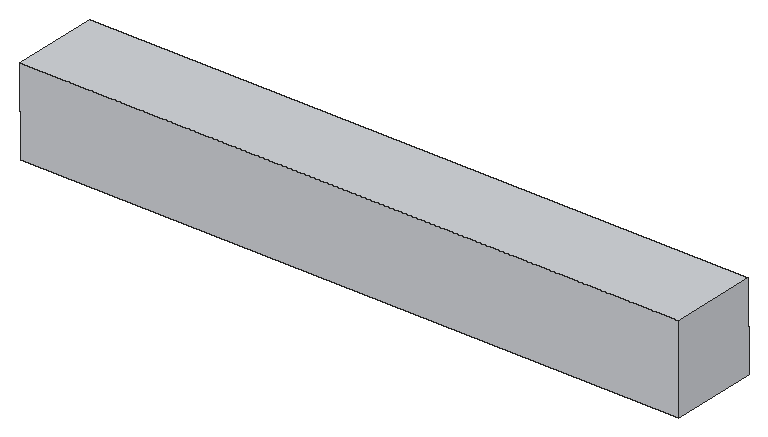
Revit family "Midpoint example", category Generic Models, Revit 2018
Family settings
  Can host rebar = No
  Round Connector Dimension = Use Diameter
  Part Type = Normal
  Work Plane-Based = No
  Always vertical = Yes
  Cut with Voids When Loaded = No
  Shared = No
  Room Calculation Point = No
Reference planes (in)
  plane 1 "Center (Front/Back)": y = 0
  plane 2: z = 0
  plane 3 "Center (Left/Right)": x = 0
  plane 4: y = 22.65093
Forms (in)
  Extrusion 1, solid
    sketch origin (-37.99545, 41.65093, 0) x (1, 0, 0) y (0, 0, 1)
      loop
        line (84.85008, 5.41051) -> (-6.00455, 5.41051) -> (-6.00455, -6.58949) -> (84.85008, -6.58949) -> (84.85008, 5.41051)
    from 0 to 12
Dimensions and locks (in)
  aligned and locked: plane 2 to level
